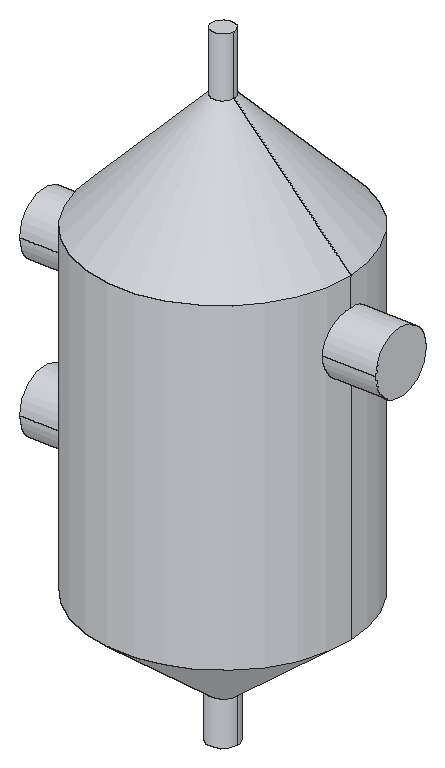
Revit family "5f3d081cbd89448a9d6b8088d9322851", category Pipe Accessories, Revit 2021
Family settings
  Round Connector Dimension = Use Radius
  Part Type = Normal
  OmniClass Number = 23.65.50.11
  OmniClass Title = Water Treatment
  Seek Item ID = Air Separator with Strainer - Inline Tangential - 2-2.5 Inch - Threaded-0000-USA-ENU
  Work Plane-Based = No
  Always vertical = Yes
  Cut with Voids When Loaded = No
  Shared = No
Parameters (values of type "2"")
  Vent Radius = 3/8"
  Vent Diameter = Vent Radius * 2  # 3/4"
  Separator Radius = Separator Diameter / 2  # 0' - 4 5/16"
  Separator Length = 1' - 0"
  Separator Height = 1' - 6"
  Separator Diameter = 0' - 8 5/8"
  Outside Radius = Outside Diameter / 2  # 1.05"
  Outside Diameter = 1.05 * Nominal Diameter  # 2.1"
  Nominal Radius = 1"
  Nominal Diameter = Nominal Radius * 2  # 2"
  K Coefficient = 2.75
  Drain Radius = 1/2"
  Distance 1 = 0' - 5 97/256"
  Default Elevation = 0' - 0"
  C1 Offset 1 = 0' - 6"
  Air Separator Material = none
Types (3): name | Separator Radius | Separator Length | Separator Height | Separator Diameter | Outside Radius | Outside Diameter | Nominal Radius | Nominal Diameter | K Coefficient | Distance 1 | C1 Offset 1
  (no name) | 0' - 4 5/16" | 1' - 0" | 1' - 6" | 0' - 8 5/8" | 1.05" | 2.1" | 1" | 2" | 2.75 | 0' - 5 97/256" | 0' - 6"
  2" | 0' - 4 5/16" | 1' - 0" | 1' - 6" | 0' - 8 5/8" | 1.05" | 2.1" | 1" | 2" | 2.75 | 0' - 5 97/256" | 0' - 6"
  2 1/2" | 0' - 5 3/8" | 1' - 4" | 1' - 8" | 0' - 10 3/4" | 1 5/16" | 2 5/8" | 1 1/4" | 2 1/2" | 3.34 | 0' - 5 225/256" | 0' - 7"
Reference planes (in)
  plane 1 "Center (Front/Back)": y = 0
  plane 2: z = 0
  plane 3 "Center (Left/Right)": x = 0
  plane 4: z = 0
  plane 5: x = -12
  plane 6: z = 6
  plane 7: z = 8
  plane 8: z = -5.37891
  plane 9: x = -6
  plane 10: x = -1.6875
  plane 11: z = 2
  plane 12: z = -12
  plane 13: z = -9
  plane 14: z = -13.5
Forms (in)
  Extrusion 1, solid, material <- "Air Separator Material"
    sketch origin (0, 0, 0) x (1, 0, 0) y (0, 1, 0)
      loop
        circle (-6, 0) r 4.3125
    from -9 to 2
  Extrusion 2, solid, material <- "Air Separator Material"
    sketch origin (0, 0, 0) x (0, 1, 0) y (0, 0, 1)
      loop
        circle (0, 0) r 1.05
    from -6 to 0
  Extrusion 3, solid, material <- "Air Separator Material"
    sketch origin (0, 0, 0) x (0, 1, 0) y (0, 0, 1)
      loop
        circle (0, -5.37891) r 1.05
    from -12 to -6
  Extrusion 4, solid, material <- "Air Separator Material"
    sketch origin (0, 0, 0) x (0, 1, 0) y (0, 0, 1)
      loop
        circle (0, 0) r 1.05
    from -12 to -6
  Blend 5, solid, material <- "Air Separator Material"
    base sketch origin (0, 0, 0) x (1, 0, 0) y (0, 1, 0)
      loop
        circle (-6, 0) r 4.3125
    top sketch origin (0, 0, 0) x (1, 0, 0) y (0, 1, 0)
      loop
        circle (-6, 0) r 0.375
    from 2 to 6
  Blend 6, solid, material <- "Air Separator Material"
    base sketch origin (0, 0, 0) x (1, 0, 0) y (0, 1, 0)
      loop
        circle (-6, 0) r 0.5
    top sketch origin (0, 0, 0) x (1, 0, 0) y (0, 1, 0)
      loop
        circle (-6, 0) r 4.3125
    from -12 to -9
  Extrusion 7, solid, material <- "Air Separator Material"
    sketch origin (0, 0, 0) x (1, 0, 0) y (0, 1, 0)
      loop
        circle (-6, 0) r 0.375
    from 6 to 8
  Extrusion 8, solid, material <- "Air Separator Material"
    sketch origin (0, 0, 0) x (1, 0, 0) y (0, 1, 0)
      loop
        circle (-6, 0) r 0.5
    from -13.5 to -12
Cuts and joins
  joined: Extrusion 1, Extrusion 2, Extrusion 3, Extrusion 4, Blend 5, Blend 6, Extrusion 7, Extrusion 8
Dimensions and locks (in)
  "C1 Offset 1": plane 6 to plane 2
  locked: plane 7 to plane 6 at 2
  "Distance 1": plane 2 to plane 8
  "Separator Length": plane 5 to plane 3 "Center (Left/Right)"
  equal spacing: plane 5, plane 9, plane 3 "Center (Left/Right)"
  "Separator Radius": plane 9 to plane 10
  locked: plane 6 to plane 11 at 4
  "Separator Height": plane 6 to plane 12
  locked: plane 13 to plane 12 at 3
  locked: plane 12 to plane 14 at 1.5
  "Separator Radius": radius of Extrusion 1 sketch curve
  "Outside Radius": radius of Extrusion 2 sketch curve
  "Outside Radius": radius of Extrusion 3 sketch curve
  "Outside Radius": radius of Extrusion 4 sketch curve
  "Separator Radius": radius of Blend 5 sketch curve
  "Vent Radius": radius of Blend 5 sketch curve
  "Drain Radius": radius of Blend 6 sketch curve
  "Separator Radius": radius of Blend 6 sketch curve
  "Vent Radius": radius of Extrusion 7 sketch curve
  "Drain Radius": radius of Extrusion 8 sketch curve
  aligned and locked: plane 2 to plane 4
  aligned and locked: plane 4 to Extrusion 2 sketch curve
  aligned and locked: plane 1 "Center (Front/Back)" to Extrusion 2 sketch curve
  aligned and locked: plane 9 to Extrusion 1 sketch curve
  aligned and locked: plane 1 "Center (Front/Back)" to Extrusion 1 sketch curve
  aligned and locked: plane 9 to Extrusion 2
  aligned and locked: plane 3 "Center (Left/Right)" to Extrusion 2
  aligned and locked: plane 11 to Extrusion 1
  aligned and locked: plane 8 to Extrusion 3 sketch curve
  aligned and locked: plane 1 "Center (Front/Back)" to Extrusion 3 sketch curve
  aligned and locked: plane 5 to Extrusion 3
  aligned and locked: Extrusion 3 to plane 9
  aligned and locked: plane 4 to Extrusion 4 sketch curve
  aligned and locked: plane 1 "Center (Front/Back)" to Extrusion 4 sketch curve
  aligned and locked: Extrusion 4 to plane 9
  aligned and locked: plane 5 to Extrusion 4
  aligned and locked: Extrusion 1 to plane 13
  aligned and locked: plane 1 "Center (Front/Back)" to Blend 5 sketch curve  (x2)
  aligned and locked: plane 9 to Blend 5 sketch curve  (x2)
  aligned and locked: Blend 5 to plane 11
  aligned and locked: plane 6 to Blend 5
  aligned and locked: plane 1 "Center (Front/Back)" to Blend 6 sketch curve  (x2)
  aligned and locked: plane 9 to Blend 6 sketch curve  (x2)
  aligned and locked: Blend 6 to plane 12
  aligned and locked: plane 13 to Blend 6
  aligned and locked: plane 1 "Center (Front/Back)" to Extrusion 7 sketch curve
  aligned and locked: plane 9 to Extrusion 7 sketch curve
  aligned and locked: Extrusion 7 to plane 6
  aligned and locked: plane 7 to Extrusion 7
  aligned and locked: plane 1 "Center (Front/Back)" to Extrusion 8 sketch curve
  aligned and locked: plane 9 to Extrusion 8 sketch curve
  aligned and locked: plane 12 to Extrusion 8
  aligned and locked: Extrusion 8 to plane 14
Connectors (in)
  piping at (0, 0, 0), diameter 2, driven by "Nominal Radius"
    settings: on cut or joined group of Extrusion 1, Extrusion 2, Extrusion 3, Extrusion 4, Blend 5, Blend 6, Extrusion 7, Extrusion 8, index 1, connector inside diameter 2", connector length 0' - 0", flow factor 0, pipe flow 0 GPM, pressure drop 0.00 psi, fitting loss kfactor 0, connector angle 0.00°, fixture units 0, engagement length 0' - 0", angle of deflection 0.00°, flow configuration 0, flow direction 0, fitting loss method 2, system type 29, joint type 0, gender type 0, connector reference index 2, connector utility 0, adjustable connector no, is connector primary yes, connector description "Connected to Boiler/Chiller In"
  piping at (-12, 0, -5.37891), diameter 2, driven by "Nominal Radius", driven by "K Coefficient"
    settings: on cut or joined group of Extrusion 1, Extrusion 2, Extrusion 3, Extrusion 4, Blend 5, Blend 6, Extrusion 7, Extrusion 8, index 2, connector inside diameter 2", connector length 0' - 0", flow factor 0, pipe flow 0 GPM, pressure drop 0.00 psi, fitting loss kfactor 2.75, connector angle 0.00°, fixture units 0, engagement length 0' - 0", angle of deflection 0.00°, flow configuration 0, flow direction 0, fitting loss method 2, system type 29, joint type 0, gender type 0, connector reference index 1, connector utility 0, adjustable connector no, is connector primary no, connector description "Connected to Pump Out"
  piping at (-6, 0, 8), diameter 0.75, driven by "Vent Radius"
    settings: on cut or joined group of Extrusion 1, Extrusion 2, Extrusion 3, Extrusion 4, Blend 5, Blend 6, Extrusion 7, Extrusion 8, index 3, connector inside diameter 3/4", connector length 0' - 0", flow factor 0, pipe flow 0 GPM, pressure drop 0.00 psi, fitting loss kfactor 0, connector angle 0.00°, fixture units 0, engagement length 0' - 0", angle of deflection 0.00°, flow configuration 1, flow direction 2, fitting loss method 0, system type 29, joint type 0, gender type 0, connector reference index -1, connector utility 0, adjustable connector no, is connector primary no, connector description "Connected to Vent or Diaphragm/Compression Tank Out"
